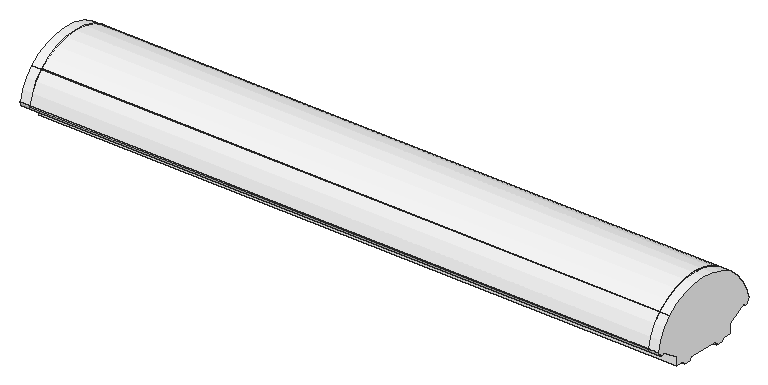
Revit family "RLB4", category Lighting Fixtures, host Face, Revit 2021
Family settings
  Host = Face
  Round Connector Dimension = Use Diameter
  Part Type = Normal
  OmniClass Number = 23.80.70.11.14.17
  OmniClass Title = Direct/Indirect
  Cut with Voids When Loaded = No
  Light Source = Yes
  Shared = Yes
  Room Calculation Point = No
Parameters (values of type "RLB4")
  Width 1 = 5.000"
  Width = 8.400"
  Watts = 64 W
  Wattage Comments = "Variable Intensity technology provides specifiable lumen output/wattage"
  Wattage = 64 W
  Warranty = "5 years Warranty"  # constant formula
  built-in parameter 1150110 = 1 (stored number, unit not read)
  Voltage = 120 V
  URL = "https://www.currentlighting.com/columbia"
  built-in parameter 1114217 = 1 (stored number, unit not read)
  Tilt Angle = -90.00°
  built-in parameter 1150109 = 1 (stored number, unit not read)
  built-in parameter 1150134 = (empty or 0)
  built-in parameter 1150113 = 1 (stored number, unit not read)
  Reflector Finish = White Glass
  Product Page URL = ""
  Product Doucmentation Link = ""
  Power Factor = 1
  Photometric Web File = "RLB4-30LH-FAA-EDU.ies"
  Photometric Note = "For more ies file please find the above Photometric Web Link"
  Model = "RLB4"
  Manufacturer = "Columbia Lighting"  # constant formula
  built-in parameter 1150105 = 611.15 (stored number, unit not read)
  Lumens = 7680 lm
  built-in parameter 1150115 = 1 (stored number, unit not read)
  Load Classification = Lighting
  built-in parameter 1150137 = (empty or 0)
  built-in parameter 1150139 = (empty or 0)
  Length = 48.000"
  built-in parameter 1150112 = 1 (stored number, unit not read)
  built-in parameter 1150114 = 1 (stored number, unit not read)
  Lamp = "LED"  # constant formula
  built-in parameter 1150132 = (empty or 0)
  built-in parameter 1150102 = (empty or 0)
  built-in parameter 1150107 = 3500 (stored number, unit not read)
  built-in parameter 1150138 = (empty or 0)
  built-in parameter 1150106 = 6.1115 (stored number, unit not read)
  Housing Material = Paint -  Matte White
  Features = "Optional photometric distributions\r\n• Available in 4' and 8'\r\n• Optional integral emergency battery pack\r\n• Uninterrupted ribbon of light for single or row mount applications\r\n• Optional SpectraSync™ offers two modes of tunable white solutions and integrates seamlessly into a\r\nvariety of control systems\r\n• NX Distributed Intelligence™ provides options for standalone and networked integrated sensor with wired\r\nor wireless connectivity for NX system deployments\r\n• Five year warranty"  # constant formula
  Emit from Rectangle Width = 5.000"  # constant formula
  Emit from Rectangle Length = Length - 1.000"  # 47.000"
  Emit Shape Visible in Rendering = no
  built-in parameter 1150104 = 11.148 (stored number, unit not read)
  Dimming Protocol = "0-10V,Step Dimming,Dim-to-Dark"  # constant formula
  Dimming Lamp Color Temperature Shift = <None>
  Description = "Reverie™ Decorative Low Bay"  # constant formula
  Default Elevation = 48.000"
  Copyright = "©  Columbia Lighting"  # constant formula
  Contact = ""
  Connector Description = "Lighting Connector"  # constant formula
  Color Filter = 16777215
  built-in parameter 1114216 [instance] = 1 (stored number, unit not read)
  Certifications = "All luminaires are built to UL 1598 standards, and bear\r\nappropriate ETL damp location labels."  # constant formula
  built-in parameter 1114218 = 1 (stored number, unit not read)
  built-in parameter 1150133 = 10 (stored number, unit not read)
  Assembly Code = "D5020200"
  Application = "Automotive,Education,Offices,Retail,Government"  # constant formula
  Apparent Load = Watts / Power Factor  # 64 VA
Reference planes (in)
  plane 1 "Center (Front/Back)": y = 0
  plane 2: z = 0
  plane 3 "Center (Left/Right)": x = 0
  plane 4: x = -24
  plane 5: x = 24
  plane 6: y = -4.2
  plane 7: y = 4.2
  plane 8: x = 23.25
  plane 9: x = -23.25
  plane 10: z = 5.1
  plane 11: y = 2.5
  plane 12: y = -2.5
Forms (in)
  Extrusion 1, solid, material "Paint -  Matte White" <- "Housing Material"
    sketch origin (0, 0, 0) x (0, 1, 0) y (0, 0, 1)
      loop
        line (2.5, 0.84912) -> (3.80412, 1.65153)
        arc (3.80412, 1.65153) -> (3.88065, 1.56665) -> (3.98239, 1.51459) r 0.31557
        arc (3.98239, 1.51459) -> (4.15896, 1.65578) -> (4.23125, 1.86999) r 0.40151
        arc (4.23125, 1.86999) -> (3.63388, 3.28512) -> (2.55882, 4.38224) r 4.11153
        arc (2.55882, 4.38224) -> (-0.381, 5.08033) -> (-3.14369, 3.85662) r 4.73066
        arc (-3.14369, 3.85662) -> (-3.81038, 2.93697) -> (-4.2, 1.86999) r 4.11153
        arc (-4.2, 1.86999) -> (-4.12771, 1.65578) -> (-3.95114, 1.51459) r 0.40151
        arc (-3.95114, 1.51459) -> (-3.8388, 1.57516) -> (-3.75963, 1.67528) r 0.31557
        line (-3.75963, 1.67528) -> (-2.44388, 0.7878) -> (-2.44388, 0.23492) -> (-1.9045, 0.23492) -> (-1.74, 0) -> (-1.24, 0) -> (-1.1545, 0.23492) -> (1.15722, 0.23492) -> (1.24273, 0) -> (1.78334, 0) -> (1.89764, 0.19797) -> (2.5, 0.19797) -> (2.5, 0.84912)
    from -24 to 24
  Extrusion 2, solid, material "White Glass" <- "Reflector Finish"
    sketch origin (0, 0, 0) x (0, 1, 0) y (0, 0, 1)
      loop
        arc (2.55882, 4.44474) -> (-0.381, 5.14283) -> (-3.14369, 3.91912) r 4.73066
        arc (-3.14369, 3.91912) -> (-3.84143, 2.93992) -> (-4.22605, 1.80073) r 4.11153
        line (-4.22605, 1.80073) -> (-4.13947, 1.71414)
        arc (-4.13947, 1.71414) -> (-3.76882, 2.86186) -> (-3.07379, 3.84754) r 4.01153
        arc (-3.07379, 3.84754) -> (-0.37149, 5.04328) -> (2.50376, 4.36123) r 4.63066
        arc (2.50376, 4.36123) -> (3.59864, 3.21835) -> (4.16626, 1.74094) r 4.01153
        line (4.16626, 1.74094) -> (4.25244, 1.82712)
        arc (4.25244, 1.82712) -> (3.66337, 3.30269) -> (2.55882, 4.44474) r 4.11153
    from -23.25 to 23.25
Dimensions and locks (in)
  "Length": plane 4 to plane 5
  "Width": plane 6 to plane 7
  plane 7 to plane 6 = 8.400"
  locked: plane 8 to plane 5 at 0.75
  locked: plane 4 to plane 9 at 0.75
  equal spacing: plane 4, plane 3 "Center (Left/Right)", plane 5
  equal spacing: plane 6, plane 1 "Center (Front/Back)", plane 7
  equal spacing: plane 12, plane 1 "Center (Front/Back)", plane 11
  "Width 1": plane 12 to plane 11
  plane 10 to plane 2 = 5.100"
  aligned and locked: plane 2 to host face
  aligned and locked: level to host face
  aligned and locked: plane 3 "Center (Left/Right)" to imposter light
  aligned and locked: imposter light to plane 1 "Center (Front/Back)"
  aligned and locked: plane 10 to imposter light
  aligned and locked: Extrusion 1 to plane 4
  aligned and locked: plane 5 to Extrusion 1
  aligned and locked: plane 8 to Extrusion 2
  aligned and locked: Extrusion 2 to plane 9
Automatic sketch dimensions
  host sketch curve to host sketch curve = 96.000"  (x2)
  Extrusion 1 sketch curve to plane 6 = 0.000"
  Extrusion 1 sketch curve to level = 0.000"  (x2)
  Extrusion 1 sketch curve to plane 11 = 0.000"
  Extrusion 1 sketch curve to plane 6 = 0.15836"
  Extrusion 1 sketch curve to Extrusion 1 sketch curve = 0.24283"
  Extrusion 1 sketch curve to Extrusion 1 sketch curve = 0.03918"
  Extrusion 1 sketch curve to plane 12 = 0.05612"
  Extrusion 1 sketch curve to Extrusion 1 sketch curve = 0.70388"
  Extrusion 1 sketch curve to Extrusion 1 sketch curve = 0.500"
  Extrusion 1 sketch curve to Extrusion 1 sketch curve = 0.08551"  (x2)
  plane 1 "Center (Front/Back)" to Extrusion 1 sketch curve = 0.18012"
  Extrusion 1 sketch curve to plane 1 "Center (Front/Back)" = 0.0532"
  Extrusion 1 sketch curve to plane 1 "Center (Front/Back)" = 0.21137"
  level to Extrusion 1 sketch curve = 0.23492"  (x2)
  Extrusion 1 sketch curve to Extrusion 1 sketch curve = 1.10403"
  Extrusion 1 sketch curve to Extrusion 1 sketch curve = 0.54061"
  level to Extrusion 1 sketch curve = 0.19797"
  Extrusion 1 sketch curve to Extrusion 1 sketch curve = 0.1143"
  plane 7 to Extrusion 1 sketch curve = 0.39588"
  Extrusion 1 sketch curve to Extrusion 1 sketch curve = 0.02594"
  plane 7 to Extrusion 1 sketch curve = 0.12711"
  level to Extrusion 1 sketch curve = 0.36964"
  level to Extrusion 1 sketch curve = 0.7878"
  Extrusion 1 sketch curve to Extrusion 1 sketch curve = 0.65115"
  Extrusion 1 sketch curve to Extrusion 1 sketch curve = 0.63708"
  Extrusion 1 sketch curve to Extrusion 1 sketch curve = 0.000"
  Extrusion 1 sketch curve to Extrusion 1 sketch curve = 0.80241"
  Extrusion 1 sketch curve to Extrusion 1 sketch curve = 0.88749"
  Extrusion 1 sketch curve to Extrusion 1 sketch curve = 0.14162"
  Extrusion 1 sketch curve to Extrusion 1 sketch curve = 0.16537"
  Extrusion 1 sketch curve to Extrusion 1 sketch curve = 0.2108"
  Extrusion 1 sketch curve to Extrusion 1 sketch curve = 0.23455"
  Extrusion 1 sketch curve to Extrusion 1 sketch curve = 0.19151"
  plane 12 to Extrusion 1 sketch curve = 0.64369"
  Extrusion 1 sketch curve to Extrusion 1 sketch curve = 0.16449"
  Extrusion 1 sketch curve to plane 11 = 0.05882"
  plane 7 to Extrusion 1 sketch curve = 0.21761"
  Extrusion 2 sketch curve to Extrusion 2 sketch curve = 0.000"  (x7)
  plane 1 "Center (Front/Back)" to Extrusion 2 sketch curve = 0.18012"
  Extrusion 2 sketch curve to plane 1 "Center (Front/Back)" = 0.0532"
  Extrusion 2 sketch curve to plane 1 "Center (Front/Back)" = 0.21137"
  plane 7 to Extrusion 2 sketch curve = 0.03374"
  Extrusion 2 sketch curve to Extrusion 2 sketch curve = 0.08618"  (x2)
  level to Extrusion 2 sketch curve = 0.43214"
  Extrusion 2 sketch curve to Extrusion 2 sketch curve = 0.63708"
  plane 6 to Extrusion 2 sketch curve = 0.02605"
  Extrusion 2 sketch curve to Extrusion 2 sketch curve = 0.08658"  (x2)
  plane 12 to Extrusion 2 sketch curve = 0.64369"
  Extrusion 2 sketch curve to Extrusion 2 sketch curve = 0.0699"
  Extrusion 2 sketch curve to plane 11 = 0.00376"
  Extrusion 2 sketch curve to plane 11 = 0.05882"
Connectors (in)
  electrical at (0, -1.49, 0), driven by "Connector Description", driven by "Load Classification", driven by "Voltage", driven by "Apparent Load"
    settings: on Extrusion 1, index 1, voltage 120 V, apparent load 64 VA, apparent load phase1 0 VA, apparent load phase2 0 VA, apparent load phase3 0 VA, power factor 1, load classification "Lighting", number of poles 1, system type 30, power factor state 1, is connector primary yes, connector utility no, sub classification motor no, connector description "Lighting Connector"
